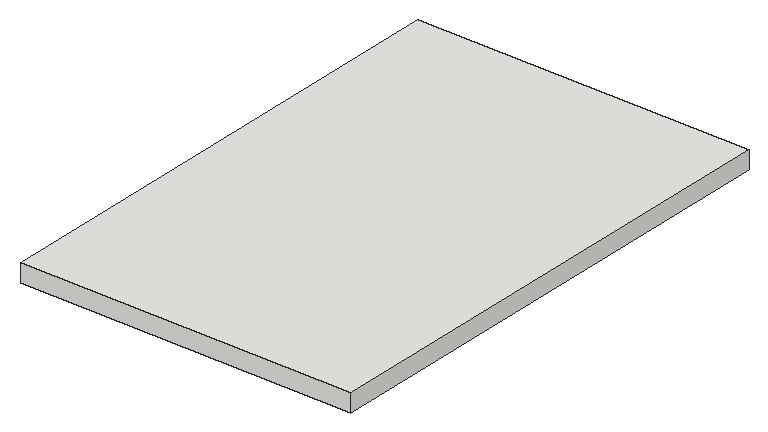
Revit family "SURVIVOR160xxWS8xxx-US", category Leuchten, Revit 2020
Family settings
  Basisbauteil = Fläche
  Bemaßung runder Anschluss = Durchmesser verwenden
  Teiletyp = Normal
  OmniClass-Nummer = 23.80.70.11
  OmniClass-Titel = Luminaries for Internal Lighting
  Beim Laden mit Abzugskörper schneiden = Nein
  Lichtquelle = Ja
  Gemeinsam genutzt = Nein
  Raumberechnungspunkt = Nein
Parameters (values of type "SURVIVOR160DAWS840S0800-US")
  width = 240 mm  # constant formula
  weight = "13.2 kg"
  voltage type (AC, DC, UC) = "AC"
  rated input power = 58
  product name = "SURVIVOR160DAWS840S0800-US"
  nominal voltage = "230"
  nominal frequency = "50-60Hz"
  length = 1600 mm  # constant formula
  ingress protection (IP) code = "IP65"
  height = 73 mm  # constant formula
  electrical safety class = "1"
  control gear = ""
  conformity mark = "CE"  # constant formula
  brand = "RIDI"
  approval mark = ""
  built-in parameter 1150104 = 13.8 (stored number, unit not read)
  Wattage = 56.5497 W
  Von Breite des Rechtecks ausssenden = 1528 mm
  Von Länge des Rechtecks aussenden = 172 mm  # constant formula
  Default Elevation = 0 mm
  built-in parameter 1150113 = 1 (stored number, unit not read)
  built-in parameter 1114218 = 1 (stored number, unit not read)
  URL = "www.ridi.de"
  built-in parameter 1150134 = 12
  built-in parameter 1150109 = 1 (stored number, unit not read)
  built-in parameter 1150110 = 1 (stored number, unit not read)
  Apparent Load = 58 VA
  Tilt Angle = 90.00°
  Modell = "6069111//425"
  built-in parameter 1114217 = 1 (stored number, unit not read)
  built-in parameter 1150139 = (empty or 0)
  built-in parameter 1150105 = 3108.2 (stored number, unit not read)
  built-in parameter 1150114 = 1 (stored number, unit not read)
  Lumens = 8400 lm
  built-in parameter 1150115 = 1 (stored number, unit not read)
  built-in parameter 1150112 = 1 (stored number, unit not read)
  Lampe = "LED"
  Hersteller = "RIDI Leuchten GmbH"  # constant formula
  Dimming Lamp Color Temperature Shift = (empty or 0)
  Color Filter = 16777215
  built-in parameter 1150133 = 10 (stored number, unit not read)
  Emit Shape Visible in Rendering = no
  built-in parameter 1150137 = (empty or 0)
  built-in parameter 1150132 = 2
  Datei für fotometrisches Netz = "SURVIVOR_S.IES"
  Copyright = "© RIDI. All rights reserved."  # constant formula
  built-in parameter 1150106 = 31.082 (stored number, unit not read)
  Baugruppenkennzeichen = "D5020200"
  built-in parameter 1150107 = 4000 (stored number, unit not read)
  built-in parameter 1150102 = (empty or 0)
  built-in parameter 1150138 = (empty or 0)
Types (5, lengths in mm): name | product name | Wattage | built-in parameter 1150134 | Modell | built-in parameter 1150105 | Lumens | Datei für fotometrisches Netz | built-in parameter 1150106 | built-in parameter 1150107
  (no name) | "SURVIVOR160DAWS840S0800-US" | 56.5497 W | 12 | "6069111//425" | 3108.2 (stored number, unit not read) | 8400 lm | "SURVIVOR_S.IES" | 31.082 (stored number, unit not read) | 4000 (stored number, unit not read)
  SURVIVOR160DAWS830MPO0650-US | "SURVIVOR160DAWS830MPO0650-US" | 42.7489 W | (empty or 0) | "6069093//425" | 3904.7 (stored number, unit not read) | 6350 lm | "SURVIVOR_MPO.IES" | 39.047 (stored number, unit not read) | 3000 (stored number, unit not read)
  SURVIVOR160DAWS830AS0700-US | "SURVIVOR160DAWS830AS0700-US" | 44.7012 W | (empty or 0) | "6069080//425" | 2556.9 (stored number, unit not read) | 6640 lm | "SURVIVOR_SAS.IES" | 25.569 (stored number, unit not read) | 3000 (stored number, unit not read)
  SURVIVOR160DAWS830S0800-US | "SURVIVOR160DAWS830S0800-US" | 53.6549 W | (empty or 0) | "6069077//425" | 4900.8 (stored number, unit not read) | 7970 lm | "SURVIVOR_S.IES" | 49.008 (stored number, unit not read) | 3000 (stored number, unit not read)
  SURVIVOR160DAWS840S0800-US | "SURVIVOR160DAWS840S0800-US" | 56.5497 W | 12 | "6069111//425" | 3108.2 (stored number, unit not read) | 8400 lm | "SURVIVOR_S.IES" | 31.082 (stored number, unit not read) | 4000 (stored number, unit not read)
Reference planes
  plane 1 "Mitte (Vorne/hinten)": y = 0
  plane 2: z = 0
  plane 3 "Mitte (Links/rechts)": x = 0
  plane 4: z = 1600
Forms (mm)
  Extrusion 1, solid
    sketch origin (219.2, 280.8, 0) x (1, 0, 0) y (0, 1, 0)
      loop
        line (-1219.2, 1219.2) -> (-1219.2, -1780.8) -> (780.8, -1780.8) -> (780.8, 1219.2) -> (-1219.2, 1219.2)
    from 0 to -107.307
Dimensions and locks
  plane 4 to Extrusion 1 = 1600 mm
  locked: imposter light to import instance at 24
  aligned and locked: plane 2 to Extrusion 1
  aligned and locked: level to Extrusion 1
  aligned and locked: import instance to Extrusion 1
Connectors
  electrical at (53.526, -789.759, 2.275), driven by "Apparent Load"
    settings: on import instance, index 1, voltage 230 V, apparent load 0 VA, apparent load phase1 58 VA, apparent load phase2 0 VA, apparent load phase3 0 VA, power factor 1, load classification "Lighting", number of poles 1, system type 31, power factor state 1, is connector primary yes, connector utility no, sub classification motor no, connector description ""
